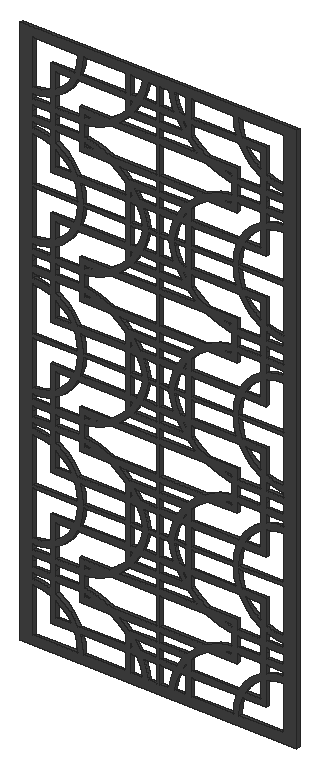
Revit family "Mirror", category Generic Models, Revit 2016
Family settings
  Part Type = Normal
  Can host rebar = No
  Round Connector Dimension = Use Diameter
  Work Plane-Based = Yes
  Always vertical = No
  Cut with Voids When Loaded = No
  Shared = No
  Room Calculation Point = No
Parameters
  Default Elevation = 4' - 0"
Reference planes (in)
  plane 1 "Center (Front/Back)": y = 0
  plane 2: z = 0
  plane 3 "Center (Left/Right)": x = 0
Forms (in)
  Extrusion 1, solid, material "Black)"
    sketch origin (288, 0, 0) x (1, 0, 0) y (0, 0, 1)
      loop
        line (-240, 96) -> (-288, 96) -> (-288, 0) -> (-240, 0) -> (-240, 96)
      loop
        line (-285.75, 24.40233) -> (-285.75, 16.62416)
        arc (-285.75, 16.62416) -> (-284.22011, 16.7761) -> (-282.75, 17.22598) r 7.77817
        line (-282.75, 17.22598) -> (-282.75, 21.40233) -> (-278.57365, 21.40233)
        arc (-278.57365, 21.40233) -> (-278.12377, 22.87245) -> (-277.97183, 24.40233) r 7.77817
        line (-277.97183, 24.40233) -> (-285.75, 24.40233)
      loop
        line (-281.75, 20.40233) -> (-281.75, 17.7315)
        arc (-281.75, 17.7315) -> (-280.25, 18.90233) -> (-279.07917, 20.40233) r 7.77817
        line (-279.07917, 20.40233) -> (-281.75, 20.40233)
      loop
        line (-277.75, 16.40233) -> (-272.45987, 16.40233)
        arc (-272.45987, 16.40233) -> (-271.0263, 17.37687) -> (-269.75, 18.54985) r 11.86689
        line (-269.75, 18.54985) -> (-269.75, 20.40233) -> (-277.93614, 20.40233)
        arc (-277.93614, 20.40233) -> (-279.54289, 18.19523) -> (-281.75, 16.58848) r 8.77817
        line (-281.75, 16.58848) -> (-281.75, 14.82617) -> (-277.75, 14.82617) -> (-277.75, 16.40233)
      loop
        line (-276.75, 15.40233) -> (-276.75, 14.92529)
        arc (-276.75, 14.92529) -> (-275.71231, 15.11809) -> (-274.69585, 15.40233) r 11.86689
        line (-274.69585, 15.40233) -> (-276.75, 15.40233)
      loop
        line (-269.75, 24.40233) -> (-276.97183, 24.40233)
        arc (-276.97183, 24.40233) -> (-277.10497, 22.87923) -> (-277.50037, 21.40233) r 8.77817
        line (-277.50037, 21.40233) -> (-269.75, 21.40233) -> (-269.75, 24.40233)
      loop
        line (-268.75, 24.40233) -> (-268.75, 21.40233) -> (-267.76676, 21.40233)
        arc (-267.76676, 21.40233) -> (-267.15783, 22.86825) -> (-266.75, 24.40233) r 11.86689
        line (-266.75, 24.40233) -> (-268.75, 24.40233)
      loop
        line (-264.25, 17.90233) -> (-268.98637, 17.90233)
        arc (-268.98637, 17.90233) -> (-269.78649, 17.11599) -> (-270.65206, 16.40233) r 12.86689
        line (-270.65206, 16.40233) -> (-264.25, 16.40233) -> (-264.25, 17.90233)
      loop
        line (-264.25, 18.90233) -> (-264.25, 20.40233) -> (-267.16375, 20.40233)
        arc (-267.16375, 20.40233) -> (-267.62806, 19.63523) -> (-268.14466, 18.90233) r 12.86689
        line (-268.14466, 18.90233) -> (-264.25, 18.90233)
      loop
        line (-277.75, 13.82617) -> (-281.75, 13.82617) -> (-281.75, 12.9785) -> (-281.75, 12.13083) -> (-277.75, 12.13083) -> (-277.75, 13.82617)
      loop
        arc (-265.73261, 24.40233) -> (-266.10488, 22.87391) -> (-266.66089, 21.40233) r 12.86689
        line (-266.66089, 21.40233) -> (-264.25, 21.40233) -> (-264.25, 24.40233) -> (-265.73261, 24.40233)
      loop
        line (-285.75, 15.62416) -> (-285.75, 14.82617) -> (-282.75, 14.82617) -> (-282.75, 16.15271)
        arc (-282.75, 16.15271) -> (-284.2269, 15.7573) -> (-285.75, 15.62416) r 8.77817
      loop
        line (-285.75, 13.82617) -> (-285.75, 12.9785) -> (-285.75, 12.13083) -> (-282.75, 12.13083) -> (-282.75, 12.9785) -> (-282.75, 13.82617) -> (-285.75, 13.82617)
      loop
        arc (-272.19753, 15.40233) -> (-274.40402, 14.44565) -> (-276.75, 13.91629) r 12.86689
        line (-276.75, 13.91629) -> (-276.75, 12.04071)
        arc (-276.75, 12.04071) -> (-274.40402, 11.51135) -> (-272.19753, 10.55467) r 12.86689
        line (-272.19753, 10.55467) -> (-264.25, 10.55467) -> (-264.25, 15.40233) -> (-272.19753, 15.40233)
      loop
        line (-268.75, 20.40233) -> (-268.75, 19.76629)
        arc (-268.75, 19.76629) -> (-268.53221, 20.08088) -> (-268.32468, 20.40233) r 11.86689
        line (-268.32468, 20.40233) -> (-268.75, 20.40233)
      loop
        line (-285.75, 1.55467) -> (-277.97183, 1.55467)
        arc (-277.97183, 1.55467) -> (-278.12377, 3.08455) -> (-278.57365, 4.55467) r 7.77817
        line (-278.57365, 4.55467) -> (-282.75, 4.55467) -> (-282.75, 8.73102)
        arc (-282.75, 8.73102) -> (-284.22011, 9.1809) -> (-285.75, 9.33284) r 7.77817
        line (-285.75, 9.33284) -> (-285.75, 1.55467)
      loop
        line (-281.75, 5.55467) -> (-279.07917, 5.55467)
        arc (-279.07917, 5.55467) -> (-280.25, 7.05467) -> (-281.75, 8.2255) r 7.77817
        line (-281.75, 8.2255) -> (-281.75, 5.55467)
      loop
        line (-277.75, 9.55467) -> (-277.75, 11.13083) -> (-281.75, 11.13083) -> (-281.75, 9.36852)
        arc (-281.75, 9.36852) -> (-279.54289, 7.76177) -> (-277.93614, 5.55467) r 8.77817
        line (-277.93614, 5.55467) -> (-269.75, 5.55467) -> (-269.75, 7.40715)
        arc (-269.75, 7.40715) -> (-271.0263, 8.58013) -> (-272.45987, 9.55467) r 11.86689
        line (-272.45987, 9.55467) -> (-277.75, 9.55467)
      loop
        line (-276.75, 10.55467) -> (-274.69585, 10.55467)
        arc (-274.69585, 10.55467) -> (-275.71231, 10.83891) -> (-276.75, 11.03171) r 11.86689
        line (-276.75, 11.03171) -> (-276.75, 10.55467)
      loop
        line (-269.75, 1.55467) -> (-269.75, 4.55467) -> (-277.50037, 4.55467)
        arc (-277.50037, 4.55467) -> (-277.10497, 3.07777) -> (-276.97183, 1.55467) r 8.77817
        line (-276.97183, 1.55467) -> (-269.75, 1.55467)
      loop
        line (-268.75, 1.55467) -> (-266.75, 1.55467)
        arc (-266.75, 1.55467) -> (-267.15783, 3.08874) -> (-267.76676, 4.55467) r 11.86689
        line (-267.76676, 4.55467) -> (-268.75, 4.55467) -> (-268.75, 1.55467)
      loop
        line (-264.25, 8.05467) -> (-264.25, 9.55467) -> (-270.65206, 9.55467)
        arc (-270.65206, 9.55467) -> (-269.78649, 8.84101) -> (-268.98637, 8.05467) r 12.86689
        line (-268.98637, 8.05467) -> (-264.25, 8.05467)
      loop
        line (-264.25, 7.05467) -> (-268.14466, 7.05467)
        arc (-268.14466, 7.05467) -> (-267.62806, 6.32177) -> (-267.16375, 5.55467) r 12.86689
        line (-267.16375, 5.55467) -> (-264.25, 5.55467) -> (-264.25, 7.05467)
      loop
        line (-265.73261, 1.55467) -> (-264.25, 1.55467) -> (-264.25, 4.55467) -> (-266.66089, 4.55467)
        arc (-266.66089, 4.55467) -> (-266.10488, 3.08309) -> (-265.73261, 1.55467) r 12.86689
      loop
        arc (-285.75, 10.33284) -> (-284.2269, 10.19969) -> (-282.75, 9.80429) r 8.77817
        line (-282.75, 9.80429) -> (-282.75, 11.13083) -> (-285.75, 11.13083) -> (-285.75, 10.33284)
      loop
        line (-268.75, 5.55467) -> (-268.32468, 5.55467)
        arc (-268.32468, 5.55467) -> (-268.53221, 5.87611) -> (-268.75, 6.1907) r 11.86689
        line (-268.75, 6.1907) -> (-268.75, 5.55467)
      loop
        line (-242.25, 24.40233) -> (-250.02817, 24.40233)
        arc (-250.02817, 24.40233) -> (-249.87623, 22.87245) -> (-249.42635, 21.40233) r 7.77817
        line (-249.42635, 21.40233) -> (-245.25, 21.40233) -> (-245.25, 17.22598)
        arc (-245.25, 17.22598) -> (-243.77989, 16.7761) -> (-242.25, 16.62416) r 7.77817
        line (-242.25, 16.62416) -> (-242.25, 24.40233)
      loop
        line (-246.25, 20.40233) -> (-248.92083, 20.40233)
        arc (-248.92083, 20.40233) -> (-247.75, 18.90233) -> (-246.25, 17.7315) r 7.77817
        line (-246.25, 17.7315) -> (-246.25, 20.40233)
      loop
        line (-250.25, 16.40233) -> (-250.25, 14.82617) -> (-246.25, 14.82617) -> (-246.25, 16.58848)
        arc (-246.25, 16.58848) -> (-248.45711, 18.19523) -> (-250.06386, 20.40233) r 8.77817
        line (-250.06386, 20.40233) -> (-258.25, 20.40233) -> (-258.25, 18.54985)
        arc (-258.25, 18.54985) -> (-256.9737, 17.37687) -> (-255.54013, 16.40233) r 11.86689
        line (-255.54013, 16.40233) -> (-250.25, 16.40233)
      loop
        line (-251.25, 15.40233) -> (-253.30415, 15.40233)
        arc (-253.30415, 15.40233) -> (-252.28769, 15.11809) -> (-251.25, 14.92529) r 11.86689
        line (-251.25, 14.92529) -> (-251.25, 15.40233)
      loop
        line (-258.25, 24.40233) -> (-258.25, 21.40233) -> (-250.49963, 21.40233)
        arc (-250.49963, 21.40233) -> (-250.89503, 22.87923) -> (-251.02817, 24.40233) r 8.77817
        line (-251.02817, 24.40233) -> (-258.25, 24.40233)
      loop
        line (-259.25, 24.40233) -> (-261.25, 24.40233)
        arc (-261.25, 24.40233) -> (-260.84217, 22.86825) -> (-260.23324, 21.40233) r 11.86689
        line (-260.23324, 21.40233) -> (-259.25, 21.40233) -> (-259.25, 24.40233)
      loop
        line (-263.75, 17.90233) -> (-263.75, 16.40233) -> (-257.34794, 16.40233)
        arc (-257.34794, 16.40233) -> (-258.21351, 17.11599) -> (-259.01363, 17.90233) r 12.86689
        line (-259.01363, 17.90233) -> (-263.75, 17.90233)
      loop
        line (-263.75, 18.90233) -> (-259.85534, 18.90233)
        arc (-259.85534, 18.90233) -> (-260.37194, 19.63523) -> (-260.83625, 20.40233) r 12.86689
        line (-260.83625, 20.40233) -> (-263.75, 20.40233) -> (-263.75, 18.90233)
      loop
        line (-250.25, 13.82617) -> (-250.25, 12.13083) -> (-246.25, 12.13083) -> (-246.25, 12.9785) -> (-246.25, 13.82617) -> (-250.25, 13.82617)
      loop
        line (-262.26739, 24.40233) -> (-263.75, 24.40233) -> (-263.75, 21.40233) -> (-261.33911, 21.40233)
        arc (-261.33911, 21.40233) -> (-261.89512, 22.87391) -> (-262.26739, 24.40233) r 12.86689
      loop
        arc (-242.25, 15.62416) -> (-243.7731, 15.7573) -> (-245.25, 16.15271) r 8.77817
        line (-245.25, 16.15271) -> (-245.25, 14.82617) -> (-242.25, 14.82617) -> (-242.25, 15.62416)
      loop
        line (-242.25, 13.82617) -> (-245.25, 13.82617) -> (-245.25, 12.9785) -> (-245.25, 12.13083) -> (-242.25, 12.13083) -> (-242.25, 12.9785) -> (-242.25, 13.82617)
      loop
        line (-255.80247, 15.40233) -> (-263.75, 15.40233) -> (-263.75, 10.55467) -> (-255.80247, 10.55467)
        arc (-255.80247, 10.55467) -> (-253.59598, 11.51135) -> (-251.25, 12.04071) r 12.86689
        line (-251.25, 12.04071) -> (-251.25, 13.91629)
        arc (-251.25, 13.91629) -> (-253.59598, 14.44565) -> (-255.80247, 15.40233) r 12.86689
      loop
        line (-259.25, 20.40233) -> (-259.67532, 20.40233)
        arc (-259.67532, 20.40233) -> (-259.46779, 20.08088) -> (-259.25, 19.76629) r 11.86689
        line (-259.25, 19.76629) -> (-259.25, 20.40233)
      loop
        line (-242.25, 1.55467) -> (-242.25, 9.33284)
        arc (-242.25, 9.33284) -> (-243.77989, 9.1809) -> (-245.25, 8.73102) r 7.77817
        line (-245.25, 8.73102) -> (-245.25, 4.55467) -> (-249.42635, 4.55467)
        arc (-249.42635, 4.55467) -> (-249.87623, 3.08455) -> (-250.02817, 1.55467) r 7.77817
        line (-250.02817, 1.55467) -> (-242.25, 1.55467)
      loop
        line (-246.25, 5.55467) -> (-246.25, 8.2255)
        arc (-246.25, 8.2255) -> (-247.75, 7.05467) -> (-248.92083, 5.55467) r 7.77817
        line (-248.92083, 5.55467) -> (-246.25, 5.55467)
      loop
        line (-250.25, 9.55467) -> (-255.54013, 9.55467)
        arc (-255.54013, 9.55467) -> (-256.9737, 8.58013) -> (-258.25, 7.40715) r 11.86689
        line (-258.25, 7.40715) -> (-258.25, 5.55467) -> (-250.06386, 5.55467)
        arc (-250.06386, 5.55467) -> (-248.45711, 7.76177) -> (-246.25, 9.36852) r 8.77817
        line (-246.25, 9.36852) -> (-246.25, 11.13083) -> (-250.25, 11.13083) -> (-250.25, 9.55467)
      loop
        line (-251.25, 10.55467) -> (-251.25, 11.03171)
        arc (-251.25, 11.03171) -> (-252.28769, 10.83891) -> (-253.30415, 10.55467) r 11.86689
        line (-253.30415, 10.55467) -> (-251.25, 10.55467)
      loop
        line (-258.25, 1.55467) -> (-251.02817, 1.55467)
        arc (-251.02817, 1.55467) -> (-250.89503, 3.07777) -> (-250.49963, 4.55467) r 8.77817
        line (-250.49963, 4.55467) -> (-258.25, 4.55467) -> (-258.25, 1.55467)
      loop
        line (-259.25, 1.55467) -> (-259.25, 4.55467) -> (-260.23324, 4.55467)
        arc (-260.23324, 4.55467) -> (-260.84217, 3.08874) -> (-261.25, 1.55467) r 11.86689
        line (-261.25, 1.55467) -> (-259.25, 1.55467)
      loop
        line (-263.75, 8.05467) -> (-259.01363, 8.05467)
        arc (-259.01363, 8.05467) -> (-258.21351, 8.84101) -> (-257.34794, 9.55467) r 12.86689
        line (-257.34794, 9.55467) -> (-263.75, 9.55467) -> (-263.75, 8.05467)
      loop
        line (-263.75, 7.05467) -> (-263.75, 5.55467) -> (-260.83625, 5.55467)
        arc (-260.83625, 5.55467) -> (-260.37194, 6.32177) -> (-259.85534, 7.05467) r 12.86689
        line (-259.85534, 7.05467) -> (-263.75, 7.05467)
      loop
        arc (-262.26739, 1.55467) -> (-261.89512, 3.08309) -> (-261.33911, 4.55467) r 12.86689
        line (-261.33911, 4.55467) -> (-263.75, 4.55467) -> (-263.75, 1.55467) -> (-262.26739, 1.55467)
      loop
        line (-242.25, 10.33284) -> (-242.25, 11.13083) -> (-245.25, 11.13083) -> (-245.25, 9.80429)
        arc (-245.25, 9.80429) -> (-243.7731, 10.19969) -> (-242.25, 10.33284) r 8.77817
      loop
        line (-259.25, 5.55467) -> (-259.25, 6.1907)
        arc (-259.25, 6.1907) -> (-259.46779, 5.87611) -> (-259.67532, 5.55467) r 11.86689
        line (-259.67532, 5.55467) -> (-259.25, 5.55467)
      loop
        arc (-285.75, 39.97183) -> (-284.22011, 40.12377) -> (-282.75, 40.57365) r 7.77817
        line (-282.75, 40.57365) -> (-282.75, 44.75) -> (-278.57365, 44.75)
        arc (-278.57365, 44.75) -> (-278.12377, 46.22011) -> (-277.97183, 47.75) r 7.77817
        line (-277.97183, 47.75) -> (-285.75, 47.75) -> (-285.75, 39.97183)
      loop
        line (-285.75, 24.90233) -> (-277.97183, 24.90233)
        arc (-277.97183, 24.90233) -> (-278.12377, 26.43222) -> (-278.57365, 27.90233) r 7.77817
        line (-278.57365, 27.90233) -> (-282.75, 27.90233) -> (-282.75, 32.07868)
        arc (-282.75, 32.07868) -> (-284.22011, 32.52857) -> (-285.75, 32.68051) r 7.77817
        line (-285.75, 32.68051) -> (-285.75, 24.90233)
      loop
        line (-281.75, 28.90233) -> (-279.07917, 28.90233)
        arc (-279.07917, 28.90233) -> (-280.25, 30.40233) -> (-281.75, 31.57316) r 7.77817
        line (-281.75, 31.57316) -> (-281.75, 28.90233)
      loop
        line (-277.75, 32.90233) -> (-277.75, 34.4785) -> (-281.75, 34.4785) -> (-281.75, 32.71619)
        arc (-281.75, 32.71619) -> (-279.54289, 31.10944) -> (-277.93614, 28.90233) r 8.77817
        line (-277.93614, 28.90233) -> (-269.75, 28.90233) -> (-269.75, 30.75481)
        arc (-269.75, 30.75481) -> (-271.0263, 31.9278) -> (-272.45987, 32.90233) r 11.86689
        line (-272.45987, 32.90233) -> (-277.75, 32.90233)
      loop
        line (-276.75, 33.90233) -> (-274.69585, 33.90233)
        arc (-274.69585, 33.90233) -> (-275.71231, 34.18658) -> (-276.75, 34.37938) r 11.86689
        line (-276.75, 34.37938) -> (-276.75, 33.90233)
      loop
        line (-269.75, 24.90233) -> (-269.75, 27.90233) -> (-277.50037, 27.90233)
        arc (-277.50037, 27.90233) -> (-277.10497, 26.42544) -> (-276.97183, 24.90233) r 8.77817
        line (-276.97183, 24.90233) -> (-269.75, 24.90233)
      loop
        line (-268.75, 24.90233) -> (-266.75, 24.90233)
        arc (-266.75, 24.90233) -> (-267.15783, 26.43641) -> (-267.76676, 27.90233) r 11.86689
        line (-267.76676, 27.90233) -> (-268.75, 27.90233) -> (-268.75, 24.90233)
      loop
        line (-264.25, 31.40233) -> (-264.25, 32.90233) -> (-270.65206, 32.90233)
        arc (-270.65206, 32.90233) -> (-269.78649, 32.18867) -> (-268.98637, 31.40233) r 12.86689
        line (-268.98637, 31.40233) -> (-264.25, 31.40233)
      loop
        line (-264.25, 30.40233) -> (-268.14466, 30.40233)
        arc (-268.14466, 30.40233) -> (-267.62806, 29.66943) -> (-267.16375, 28.90233) r 12.86689
        line (-267.16375, 28.90233) -> (-264.25, 28.90233) -> (-264.25, 30.40233)
      loop
        line (-277.75, 35.4785) -> (-277.75, 37.17383) -> (-281.75, 37.17383) -> (-281.75, 36.32617) -> (-281.75, 35.4785) -> (-277.75, 35.4785)
      loop
        line (-265.73261, 24.90233) -> (-264.25, 24.90233) -> (-264.25, 27.90233) -> (-266.66089, 27.90233)
        arc (-266.66089, 27.90233) -> (-266.10488, 26.43076) -> (-265.73261, 24.90233) r 12.86689
      loop
        arc (-285.75, 33.68051) -> (-284.2269, 33.54736) -> (-282.75, 33.15196) r 8.77817
        line (-282.75, 33.15196) -> (-282.75, 34.4785) -> (-285.75, 34.4785) -> (-285.75, 33.68051)
      loop
        line (-285.75, 35.4785) -> (-282.75, 35.4785) -> (-282.75, 36.32617) -> (-282.75, 37.17383) -> (-285.75, 37.17383) -> (-285.75, 36.32617) -> (-285.75, 35.4785)
      loop
        line (-272.19753, 33.90233) -> (-264.25, 33.90233) -> (-264.25, 38.75) -> (-272.19753, 38.75)
        arc (-272.19753, 38.75) -> (-274.40402, 37.79332) -> (-276.75, 37.26395) r 12.86689
        line (-276.75, 37.26395) -> (-276.75, 35.38838)
        arc (-276.75, 35.38838) -> (-274.40402, 34.85902) -> (-272.19753, 33.90233) r 12.86689
      loop
        line (-268.75, 28.90233) -> (-268.32468, 28.90233)
        arc (-268.32468, 28.90233) -> (-268.53221, 29.22378) -> (-268.75, 29.53837) r 11.86689
        line (-268.75, 29.53837) -> (-268.75, 28.90233)
      loop
        line (-281.75, 43.75) -> (-281.75, 41.07917)
        arc (-281.75, 41.07917) -> (-280.25, 42.25) -> (-279.07917, 43.75) r 7.77817
        line (-279.07917, 43.75) -> (-281.75, 43.75)
      loop
        line (-277.75, 39.75) -> (-272.45987, 39.75)
        arc (-272.45987, 39.75) -> (-271.0263, 40.72453) -> (-269.75, 41.89752) r 11.86689
        line (-269.75, 41.89752) -> (-269.75, 43.75) -> (-277.93614, 43.75)
        arc (-277.93614, 43.75) -> (-279.54289, 41.54289) -> (-281.75, 39.93614) r 8.77817
        line (-281.75, 39.93614) -> (-281.75, 38.17383) -> (-277.75, 38.17383) -> (-277.75, 39.75)
      loop
        line (-276.75, 38.75) -> (-276.75, 38.27295)
        arc (-276.75, 38.27295) -> (-275.71231, 38.46576) -> (-274.69585, 38.75) r 11.86689
        line (-274.69585, 38.75) -> (-276.75, 38.75)
      loop
        line (-269.75, 47.75) -> (-276.97183, 47.75)
        arc (-276.97183, 47.75) -> (-277.10497, 46.2269) -> (-277.50037, 44.75) r 8.77817
        line (-277.50037, 44.75) -> (-269.75, 44.75) -> (-269.75, 47.75)
      loop
        line (-268.75, 47.75) -> (-268.75, 44.75) -> (-267.76676, 44.75)
        arc (-267.76676, 44.75) -> (-267.15783, 46.21592) -> (-266.75, 47.75) r 11.86689
        line (-266.75, 47.75) -> (-268.75, 47.75)
      loop
        line (-264.25, 41.25) -> (-268.98637, 41.25)
        arc (-268.98637, 41.25) -> (-269.78649, 40.46366) -> (-270.65206, 39.75) r 12.86689
        line (-270.65206, 39.75) -> (-264.25, 39.75) -> (-264.25, 41.25)
      loop
        line (-264.25, 42.25) -> (-264.25, 43.75) -> (-267.16375, 43.75)
        arc (-267.16375, 43.75) -> (-267.62806, 42.9829) -> (-268.14466, 42.25) r 12.86689
        line (-268.14466, 42.25) -> (-264.25, 42.25)
      loop
        arc (-265.73261, 47.75) -> (-266.10488, 46.22157) -> (-266.66089, 44.75) r 12.86689
        line (-266.66089, 44.75) -> (-264.25, 44.75) -> (-264.25, 47.75) -> (-265.73261, 47.75)
      loop
        line (-285.75, 38.97183) -> (-285.75, 38.17383) -> (-282.75, 38.17383) -> (-282.75, 39.50037)
        arc (-282.75, 39.50037) -> (-284.2269, 39.10497) -> (-285.75, 38.97183) r 8.77817
      loop
        line (-268.75, 43.75) -> (-268.75, 43.11396)
        arc (-268.75, 43.11396) -> (-268.53221, 43.42855) -> (-268.32468, 43.75) r 11.86689
        line (-268.32468, 43.75) -> (-268.75, 43.75)
      loop
        line (-242.25, 24.90233) -> (-242.25, 32.68051)
        arc (-242.25, 32.68051) -> (-243.77989, 32.52857) -> (-245.25, 32.07868) r 7.77817
        line (-245.25, 32.07868) -> (-245.25, 27.90233) -> (-249.42635, 27.90233)
        arc (-249.42635, 27.90233) -> (-249.87623, 26.43222) -> (-250.02817, 24.90233) r 7.77817
        line (-250.02817, 24.90233) -> (-242.25, 24.90233)
      loop
        line (-246.25, 28.90233) -> (-246.25, 31.57316)
        arc (-246.25, 31.57316) -> (-247.75, 30.40233) -> (-248.92083, 28.90233) r 7.77817
        line (-248.92083, 28.90233) -> (-246.25, 28.90233)
      loop
        line (-250.25, 32.90233) -> (-255.54013, 32.90233)
        arc (-255.54013, 32.90233) -> (-256.9737, 31.9278) -> (-258.25, 30.75481) r 11.86689
        line (-258.25, 30.75481) -> (-258.25, 28.90233) -> (-250.06386, 28.90233)
        arc (-250.06386, 28.90233) -> (-248.45711, 31.10944) -> (-246.25, 32.71619) r 8.77817
        line (-246.25, 32.71619) -> (-246.25, 34.4785) -> (-250.25, 34.4785) -> (-250.25, 32.90233)
      loop
        line (-251.25, 33.90233) -> (-251.25, 34.37938)
        arc (-251.25, 34.37938) -> (-252.28769, 34.18658) -> (-253.30415, 33.90233) r 11.86689
        line (-253.30415, 33.90233) -> (-251.25, 33.90233)
      loop
        line (-258.25, 24.90233) -> (-251.02817, 24.90233)
        arc (-251.02817, 24.90233) -> (-250.89503, 26.42544) -> (-250.49963, 27.90233) r 8.77817
        line (-250.49963, 27.90233) -> (-258.25, 27.90233) -> (-258.25, 24.90233)
      loop
        line (-259.25, 24.90233) -> (-259.25, 27.90233) -> (-260.23324, 27.90233)
        arc (-260.23324, 27.90233) -> (-260.84217, 26.43641) -> (-261.25, 24.90233) r 11.86689
        line (-261.25, 24.90233) -> (-259.25, 24.90233)
      loop
        line (-263.75, 31.40233) -> (-259.01363, 31.40233)
        arc (-259.01363, 31.40233) -> (-258.21351, 32.18867) -> (-257.34794, 32.90233) r 12.86689
        line (-257.34794, 32.90233) -> (-263.75, 32.90233) -> (-263.75, 31.40233)
      loop
        line (-263.75, 30.40233) -> (-263.75, 28.90233) -> (-260.83625, 28.90233)
        arc (-260.83625, 28.90233) -> (-260.37194, 29.66943) -> (-259.85534, 30.40233) r 12.86689
        line (-259.85534, 30.40233) -> (-263.75, 30.40233)
      loop
        line (-250.25, 35.4785) -> (-246.25, 35.4785) -> (-246.25, 36.32617) -> (-246.25, 37.17383) -> (-250.25, 37.17383) -> (-250.25, 35.4785)
      loop
        arc (-262.26739, 24.90233) -> (-261.89512, 26.43076) -> (-261.33911, 27.90233) r 12.86689
        line (-261.33911, 27.90233) -> (-263.75, 27.90233) -> (-263.75, 24.90233) -> (-262.26739, 24.90233)
      loop
        line (-242.25, 33.68051) -> (-242.25, 34.4785) -> (-245.25, 34.4785) -> (-245.25, 33.15196)
        arc (-245.25, 33.15196) -> (-243.7731, 33.54736) -> (-242.25, 33.68051) r 8.77817
      loop
        line (-242.25, 35.4785) -> (-242.25, 36.32617) -> (-242.25, 37.17383) -> (-245.25, 37.17383) -> (-245.25, 36.32617) -> (-245.25, 35.4785) -> (-242.25, 35.4785)
      loop
        arc (-255.80247, 33.90233) -> (-253.59598, 34.85902) -> (-251.25, 35.38838) r 12.86689
        line (-251.25, 35.38838) -> (-251.25, 37.26395)
        arc (-251.25, 37.26395) -> (-253.59598, 37.79332) -> (-255.80247, 38.75) r 12.86689
        line (-255.80247, 38.75) -> (-263.75, 38.75) -> (-263.75, 33.90233) -> (-255.80247, 33.90233)
      loop
        line (-259.25, 28.90233) -> (-259.25, 29.53837)
        arc (-259.25, 29.53837) -> (-259.46779, 29.22378) -> (-259.67532, 28.90233) r 11.86689
        line (-259.67532, 28.90233) -> (-259.25, 28.90233)
      loop
        line (-242.25, 47.75) -> (-250.02817, 47.75)
        arc (-250.02817, 47.75) -> (-249.87623, 46.22011) -> (-249.42635, 44.75) r 7.77817
        line (-249.42635, 44.75) -> (-245.25, 44.75) -> (-245.25, 40.57365)
        arc (-245.25, 40.57365) -> (-243.77989, 40.12377) -> (-242.25, 39.97183) r 7.77817
        line (-242.25, 39.97183) -> (-242.25, 47.75)
      loop
        line (-246.25, 43.75) -> (-248.92083, 43.75)
        arc (-248.92083, 43.75) -> (-247.75, 42.25) -> (-246.25, 41.07917) r 7.77817
        line (-246.25, 41.07917) -> (-246.25, 43.75)
      loop
        line (-250.25, 39.75) -> (-250.25, 38.17383) -> (-246.25, 38.17383) -> (-246.25, 39.93614)
        arc (-246.25, 39.93614) -> (-248.45711, 41.54289) -> (-250.06386, 43.75) r 8.77817
        line (-250.06386, 43.75) -> (-258.25, 43.75) -> (-258.25, 41.89752)
        arc (-258.25, 41.89752) -> (-256.9737, 40.72453) -> (-255.54013, 39.75) r 11.86689
        line (-255.54013, 39.75) -> (-250.25, 39.75)
      loop
        line (-251.25, 38.75) -> (-253.30415, 38.75)
        arc (-253.30415, 38.75) -> (-252.28769, 38.46576) -> (-251.25, 38.27295) r 11.86689
        line (-251.25, 38.27295) -> (-251.25, 38.75)
      loop
        line (-258.25, 47.75) -> (-258.25, 44.75) -> (-250.49963, 44.75)
        arc (-250.49963, 44.75) -> (-250.89503, 46.2269) -> (-251.02817, 47.75) r 8.77817
        line (-251.02817, 47.75) -> (-258.25, 47.75)
      loop
        line (-259.25, 47.75) -> (-261.25, 47.75)
        arc (-261.25, 47.75) -> (-260.84217, 46.21592) -> (-260.23324, 44.75) r 11.86689
        line (-260.23324, 44.75) -> (-259.25, 44.75) -> (-259.25, 47.75)
      loop
        line (-263.75, 41.25) -> (-263.75, 39.75) -> (-257.34794, 39.75)
        arc (-257.34794, 39.75) -> (-258.21351, 40.46366) -> (-259.01363, 41.25) r 12.86689
        line (-259.01363, 41.25) -> (-263.75, 41.25)
      loop
        line (-263.75, 42.25) -> (-259.85534, 42.25)
        arc (-259.85534, 42.25) -> (-260.37194, 42.9829) -> (-260.83625, 43.75) r 12.86689
        line (-260.83625, 43.75) -> (-263.75, 43.75) -> (-263.75, 42.25)
      loop
        line (-262.26739, 47.75) -> (-263.75, 47.75) -> (-263.75, 44.75) -> (-261.33911, 44.75)
        arc (-261.33911, 44.75) -> (-261.89512, 46.22157) -> (-262.26739, 47.75) r 12.86689
      loop
        arc (-242.25, 38.97183) -> (-243.7731, 39.10497) -> (-245.25, 39.50037) r 8.77817
        line (-245.25, 39.50037) -> (-245.25, 38.17383) -> (-242.25, 38.17383) -> (-242.25, 38.97183)
      loop
        line (-259.25, 43.75) -> (-259.67532, 43.75)
        arc (-259.67532, 43.75) -> (-259.46779, 43.42855) -> (-259.25, 43.11396) r 11.86689
        line (-259.25, 43.11396) -> (-259.25, 43.75)
      loop
        line (-285.75, 71.59767) -> (-277.97183, 71.59767)
        arc (-277.97183, 71.59767) -> (-278.12377, 73.12755) -> (-278.57365, 74.59767) r 7.77817
        line (-278.57365, 74.59767) -> (-282.75, 74.59767) -> (-282.75, 78.77402)
        arc (-282.75, 78.77402) -> (-284.22011, 79.2239) -> (-285.75, 79.37584) r 7.77817
        line (-285.75, 79.37584) -> (-285.75, 71.59767)
      loop
        line (-281.75, 75.59767) -> (-279.07917, 75.59767)
        arc (-279.07917, 75.59767) -> (-280.25, 77.09767) -> (-281.75, 78.2685) r 7.77817
        line (-281.75, 78.2685) -> (-281.75, 75.59767)
      loop
        line (-277.75, 79.59767) -> (-277.75, 81.17383) -> (-281.75, 81.17383) -> (-281.75, 79.41152)
        arc (-281.75, 79.41152) -> (-279.54289, 77.80477) -> (-277.93614, 75.59767) r 8.77817
        line (-277.93614, 75.59767) -> (-269.75, 75.59767) -> (-269.75, 77.45015)
        arc (-269.75, 77.45015) -> (-271.0263, 78.62313) -> (-272.45987, 79.59767) r 11.86689
        line (-272.45987, 79.59767) -> (-277.75, 79.59767)
      loop
        line (-276.75, 80.59767) -> (-274.69585, 80.59767)
        arc (-274.69585, 80.59767) -> (-275.71231, 80.88191) -> (-276.75, 81.07471) r 11.86689
        line (-276.75, 81.07471) -> (-276.75, 80.59767)
      loop
        line (-269.75, 71.59767) -> (-269.75, 74.59767) -> (-277.50037, 74.59767)
        arc (-277.50037, 74.59767) -> (-277.10497, 73.12077) -> (-276.97183, 71.59767) r 8.77817
        line (-276.97183, 71.59767) -> (-269.75, 71.59767)
      loop
        line (-268.75, 71.59767) -> (-266.75, 71.59767)
        arc (-266.75, 71.59767) -> (-267.15783, 73.13175) -> (-267.76676, 74.59767) r 11.86689
        line (-267.76676, 74.59767) -> (-268.75, 74.59767) -> (-268.75, 71.59767)
      loop
        line (-264.25, 78.09767) -> (-264.25, 79.59767) -> (-270.65206, 79.59767)
        arc (-270.65206, 79.59767) -> (-269.78649, 78.88401) -> (-268.98637, 78.09767) r 12.86689
        line (-268.98637, 78.09767) -> (-264.25, 78.09767)
      loop
        line (-264.25, 77.09767) -> (-268.14466, 77.09767)
        arc (-268.14466, 77.09767) -> (-267.62806, 76.36477) -> (-267.16375, 75.59767) r 12.86689
        line (-267.16375, 75.59767) -> (-264.25, 75.59767) -> (-264.25, 77.09767)
      loop
        line (-277.75, 82.17383) -> (-277.75, 83.86917) -> (-281.75, 83.86917) -> (-281.75, 83.0215) -> (-281.75, 82.17383) -> (-277.75, 82.17383)
      loop
        line (-265.73261, 71.59767) -> (-264.25, 71.59767) -> (-264.25, 74.59767) -> (-266.66089, 74.59767)
        arc (-266.66089, 74.59767) -> (-266.10488, 73.12609) -> (-265.73261, 71.59767) r 12.86689
      loop
        arc (-285.75, 80.37584) -> (-284.2269, 80.2427) -> (-282.75, 79.84729) r 8.77817
        line (-282.75, 79.84729) -> (-282.75, 81.17383) -> (-285.75, 81.17383) -> (-285.75, 80.37584)
      loop
        line (-285.75, 82.17383) -> (-282.75, 82.17383) -> (-282.75, 83.0215) -> (-282.75, 83.86917) -> (-285.75, 83.86917) -> (-285.75, 83.0215) -> (-285.75, 82.17383)
      loop
        line (-272.19753, 80.59767) -> (-264.25, 80.59767) -> (-264.25, 85.44533) -> (-272.19753, 85.44533)
        arc (-272.19753, 85.44533) -> (-274.40402, 84.48865) -> (-276.75, 83.95929) r 12.86689
        line (-276.75, 83.95929) -> (-276.75, 82.08371)
        arc (-276.75, 82.08371) -> (-274.40402, 81.55435) -> (-272.19753, 80.59767) r 12.86689
      loop
        line (-268.75, 75.59767) -> (-268.32468, 75.59767)
        arc (-268.32468, 75.59767) -> (-268.53221, 75.91912) -> (-268.75, 76.23371) r 11.86689
        line (-268.75, 76.23371) -> (-268.75, 75.59767)
      loop
        line (-285.75, 94.44533) -> (-285.75, 86.66716)
        arc (-285.75, 86.66716) -> (-284.22011, 86.8191) -> (-282.75, 87.26898) r 7.77817
        line (-282.75, 87.26898) -> (-282.75, 91.44533) -> (-278.57365, 91.44533)
        arc (-278.57365, 91.44533) -> (-278.12377, 92.91545) -> (-277.97183, 94.44533) r 7.77817
        line (-277.97183, 94.44533) -> (-285.75, 94.44533)
      loop
        line (-281.75, 90.44533) -> (-281.75, 87.7745)
        arc (-281.75, 87.7745) -> (-280.25, 88.94533) -> (-279.07917, 90.44533) r 7.77817
        line (-279.07917, 90.44533) -> (-281.75, 90.44533)
      loop
        line (-277.75, 86.44533) -> (-272.45987, 86.44533)
        arc (-272.45987, 86.44533) -> (-271.0263, 87.41987) -> (-269.75, 88.59285) r 11.86689
        line (-269.75, 88.59285) -> (-269.75, 90.44533) -> (-277.93614, 90.44533)
        arc (-277.93614, 90.44533) -> (-279.54289, 88.23823) -> (-281.75, 86.63148) r 8.77817
        line (-281.75, 86.63148) -> (-281.75, 84.86917) -> (-277.75, 84.86917) -> (-277.75, 86.44533)
      loop
        line (-276.75, 85.44533) -> (-276.75, 84.96829)
        arc (-276.75, 84.96829) -> (-275.71231, 85.16109) -> (-274.69585, 85.44533) r 11.86689
        line (-274.69585, 85.44533) -> (-276.75, 85.44533)
      loop
        line (-269.75, 94.44533) -> (-276.97183, 94.44533)
        arc (-276.97183, 94.44533) -> (-277.10497, 92.92223) -> (-277.50037, 91.44533) r 8.77817
        line (-277.50037, 91.44533) -> (-269.75, 91.44533) -> (-269.75, 94.44533)
      loop
        line (-268.75, 94.44533) -> (-268.75, 91.44533) -> (-267.76676, 91.44533)
        arc (-267.76676, 91.44533) -> (-267.15783, 92.91126) -> (-266.75, 94.44533) r 11.86689
        line (-266.75, 94.44533) -> (-268.75, 94.44533)
      loop
        line (-264.25, 87.94533) -> (-268.98637, 87.94533)
        arc (-268.98637, 87.94533) -> (-269.78649, 87.15899) -> (-270.65206, 86.44533) r 12.86689
        line (-270.65206, 86.44533) -> (-264.25, 86.44533) -> (-264.25, 87.94533)
      loop
        line (-264.25, 88.94533) -> (-264.25, 90.44533) -> (-267.16375, 90.44533)
        arc (-267.16375, 90.44533) -> (-267.62806, 89.67823) -> (-268.14466, 88.94533) r 12.86689
        line (-268.14466, 88.94533) -> (-264.25, 88.94533)
      loop
        arc (-265.73261, 94.44533) -> (-266.10488, 92.91691) -> (-266.66089, 91.44533) r 12.86689
        line (-266.66089, 91.44533) -> (-264.25, 91.44533) -> (-264.25, 94.44533) -> (-265.73261, 94.44533)
      loop
        line (-285.75, 85.66716) -> (-285.75, 84.86917) -> (-282.75, 84.86917) -> (-282.75, 86.19571)
        arc (-282.75, 86.19571) -> (-284.2269, 85.80031) -> (-285.75, 85.66716) r 8.77817
      loop
        line (-268.75, 90.44533) -> (-268.75, 89.8093)
        arc (-268.75, 89.8093) -> (-268.53221, 90.12389) -> (-268.32468, 90.44533) r 11.86689
        line (-268.32468, 90.44533) -> (-268.75, 90.44533)
      loop
        line (-242.25, 71.59767) -> (-242.25, 79.37584)
        arc (-242.25, 79.37584) -> (-243.77989, 79.2239) -> (-245.25, 78.77402) r 7.77817
        line (-245.25, 78.77402) -> (-245.25, 74.59767) -> (-249.42635, 74.59767)
        arc (-249.42635, 74.59767) -> (-249.87623, 73.12755) -> (-250.02817, 71.59767) r 7.77817
        line (-250.02817, 71.59767) -> (-242.25, 71.59767)
      loop
        line (-246.25, 75.59767) -> (-246.25, 78.2685)
        arc (-246.25, 78.2685) -> (-247.75, 77.09767) -> (-248.92083, 75.59767) r 7.77817
        line (-248.92083, 75.59767) -> (-246.25, 75.59767)
      loop
        line (-250.25, 79.59767) -> (-255.54013, 79.59767)
        arc (-255.54013, 79.59767) -> (-256.9737, 78.62313) -> (-258.25, 77.45015) r 11.86689
        line (-258.25, 77.45015) -> (-258.25, 75.59767) -> (-250.06386, 75.59767)
        arc (-250.06386, 75.59767) -> (-248.45711, 77.80477) -> (-246.25, 79.41152) r 8.77817
        line (-246.25, 79.41152) -> (-246.25, 81.17383) -> (-250.25, 81.17383) -> (-250.25, 79.59767)
      loop
        line (-251.25, 80.59767) -> (-251.25, 81.07471)
        arc (-251.25, 81.07471) -> (-252.28769, 80.88191) -> (-253.30415, 80.59767) r 11.86689
        line (-253.30415, 80.59767) -> (-251.25, 80.59767)
      loop
        line (-258.25, 71.59767) -> (-251.02817, 71.59767)
        arc (-251.02817, 71.59767) -> (-250.89503, 73.12077) -> (-250.49963, 74.59767) r 8.77817
        line (-250.49963, 74.59767) -> (-258.25, 74.59767) -> (-258.25, 71.59767)
      loop
        line (-259.25, 71.59767) -> (-259.25, 74.59767) -> (-260.23324, 74.59767)
        arc (-260.23324, 74.59767) -> (-260.84217, 73.13175) -> (-261.25, 71.59767) r 11.86689
        line (-261.25, 71.59767) -> (-259.25, 71.59767)
      loop
        line (-263.75, 78.09767) -> (-259.01363, 78.09767)
        arc (-259.01363, 78.09767) -> (-258.21351, 78.88401) -> (-257.34794, 79.59767) r 12.86689
        line (-257.34794, 79.59767) -> (-263.75, 79.59767) -> (-263.75, 78.09767)
      loop
        line (-263.75, 77.09767) -> (-263.75, 75.59767) -> (-260.83625, 75.59767)
        arc (-260.83625, 75.59767) -> (-260.37194, 76.36477) -> (-259.85534, 77.09767) r 12.86689
        line (-259.85534, 77.09767) -> (-263.75, 77.09767)
      loop
        line (-250.25, 82.17383) -> (-246.25, 82.17383) -> (-246.25, 83.0215) -> (-246.25, 83.86917) -> (-250.25, 83.86917) -> (-250.25, 82.17383)
      loop
        arc (-262.26739, 71.59767) -> (-261.89512, 73.12609) -> (-261.33911, 74.59767) r 12.86689
        line (-261.33911, 74.59767) -> (-263.75, 74.59767) -> (-263.75, 71.59767) -> (-262.26739, 71.59767)
      loop
        line (-242.25, 80.37584) -> (-242.25, 81.17383) -> (-245.25, 81.17383) -> (-245.25, 79.84729)
        arc (-245.25, 79.84729) -> (-243.7731, 80.2427) -> (-242.25, 80.37584) r 8.77817
      loop
        line (-242.25, 82.17383) -> (-242.25, 83.0215) -> (-242.25, 83.86917) -> (-245.25, 83.86917) -> (-245.25, 83.0215) -> (-245.25, 82.17383) -> (-242.25, 82.17383)
      loop
        arc (-255.80247, 80.59767) -> (-253.59598, 81.55435) -> (-251.25, 82.08371) r 12.86689
        line (-251.25, 82.08371) -> (-251.25, 83.95929)
        arc (-251.25, 83.95929) -> (-253.59598, 84.48865) -> (-255.80247, 85.44533) r 12.86689
        line (-255.80247, 85.44533) -> (-263.75, 85.44533) -> (-263.75, 80.59767) -> (-255.80247, 80.59767)
      loop
        line (-259.25, 75.59767) -> (-259.25, 76.23371)
        arc (-259.25, 76.23371) -> (-259.46779, 75.91912) -> (-259.67532, 75.59767) r 11.86689
        line (-259.67532, 75.59767) -> (-259.25, 75.59767)
      loop
        line (-242.25, 94.44533) -> (-250.02817, 94.44533)
        arc (-250.02817, 94.44533) -> (-249.87623, 92.91545) -> (-249.42635, 91.44533) r 7.77817
        line (-249.42635, 91.44533) -> (-245.25, 91.44533) -> (-245.25, 87.26898)
        arc (-245.25, 87.26898) -> (-243.77989, 86.8191) -> (-242.25, 86.66716) r 7.77817
        line (-242.25, 86.66716) -> (-242.25, 94.44533)
      loop
        line (-246.25, 90.44533) -> (-248.92083, 90.44533)
        arc (-248.92083, 90.44533) -> (-247.75, 88.94533) -> (-246.25, 87.7745) r 7.77817
        line (-246.25, 87.7745) -> (-246.25, 90.44533)
      loop
        line (-250.25, 86.44533) -> (-250.25, 84.86917) -> (-246.25, 84.86917) -> (-246.25, 86.63148)
        arc (-246.25, 86.63148) -> (-248.45711, 88.23823) -> (-250.06386, 90.44533) r 8.77817
        line (-250.06386, 90.44533) -> (-258.25, 90.44533) -> (-258.25, 88.59285)
        arc (-258.25, 88.59285) -> (-256.9737, 87.41987) -> (-255.54013, 86.44533) r 11.86689
        line (-255.54013, 86.44533) -> (-250.25, 86.44533)
      loop
        line (-251.25, 85.44533) -> (-253.30415, 85.44533)
        arc (-253.30415, 85.44533) -> (-252.28769, 85.16109) -> (-251.25, 84.96829) r 11.86689
        line (-251.25, 84.96829) -> (-251.25, 85.44533)
      loop
        line (-258.25, 94.44533) -> (-258.25, 91.44533) -> (-250.49963, 91.44533)
        arc (-250.49963, 91.44533) -> (-250.89503, 92.92223) -> (-251.02817, 94.44533) r 8.77817
        line (-251.02817, 94.44533) -> (-258.25, 94.44533)
      loop
        line (-259.25, 94.44533) -> (-261.25, 94.44533)
        arc (-261.25, 94.44533) -> (-260.84217, 92.91126) -> (-260.23324, 91.44533) r 11.86689
        line (-260.23324, 91.44533) -> (-259.25, 91.44533) -> (-259.25, 94.44533)
      loop
        line (-263.75, 87.94533) -> (-263.75, 86.44533) -> (-257.34794, 86.44533)
        arc (-257.34794, 86.44533) -> (-258.21351, 87.15899) -> (-259.01363, 87.94533) r 12.86689
        line (-259.01363, 87.94533) -> (-263.75, 87.94533)
      loop
        line (-263.75, 88.94533) -> (-259.85534, 88.94533)
        arc (-259.85534, 88.94533) -> (-260.37194, 89.67823) -> (-260.83625, 90.44533) r 12.86689
        line (-260.83625, 90.44533) -> (-263.75, 90.44533) -> (-263.75, 88.94533)
      loop
        line (-262.26739, 94.44533) -> (-263.75, 94.44533) -> (-263.75, 91.44533) -> (-261.33911, 91.44533)
        arc (-261.33911, 91.44533) -> (-261.89512, 92.91691) -> (-262.26739, 94.44533) r 12.86689
      loop
        arc (-242.25, 85.66716) -> (-243.7731, 85.80031) -> (-245.25, 86.19571) r 8.77817
        line (-245.25, 86.19571) -> (-245.25, 84.86917) -> (-242.25, 84.86917) -> (-242.25, 85.66716)
      loop
        line (-259.25, 90.44533) -> (-259.67532, 90.44533)
        arc (-259.67532, 90.44533) -> (-259.46779, 90.12389) -> (-259.25, 89.8093) r 11.86689
        line (-259.25, 89.8093) -> (-259.25, 90.44533)
      loop
        line (-285.75, 56.02817) -> (-285.75, 48.25) -> (-277.97183, 48.25)
        arc (-277.97183, 48.25) -> (-278.12377, 49.77989) -> (-278.57365, 51.25) r 7.77817
        line (-278.57365, 51.25) -> (-282.75, 51.25) -> (-282.75, 55.42635)
        arc (-282.75, 55.42635) -> (-284.22011, 55.87623) -> (-285.75, 56.02817) r 7.77817
      loop
        line (-285.75, 71.09767) -> (-285.75, 63.31949)
        arc (-285.75, 63.31949) -> (-284.22011, 63.47143) -> (-282.75, 63.92132) r 7.77817
        line (-282.75, 63.92132) -> (-282.75, 68.09767) -> (-278.57365, 68.09767)
        arc (-278.57365, 68.09767) -> (-278.12377, 69.56778) -> (-277.97183, 71.09767) r 7.77817
        line (-277.97183, 71.09767) -> (-285.75, 71.09767)
      loop
        line (-281.75, 67.09767) -> (-281.75, 64.42684)
        arc (-281.75, 64.42684) -> (-280.25, 65.59767) -> (-279.07917, 67.09767) r 7.77817
        line (-279.07917, 67.09767) -> (-281.75, 67.09767)
      loop
        line (-277.75, 63.09767) -> (-272.45987, 63.09767)
        arc (-272.45987, 63.09767) -> (-271.0263, 64.0722) -> (-269.75, 65.24519) r 11.86689
        line (-269.75, 65.24519) -> (-269.75, 67.09767) -> (-277.93614, 67.09767)
        arc (-277.93614, 67.09767) -> (-279.54289, 64.89056) -> (-281.75, 63.28381) r 8.77817
        line (-281.75, 63.28381) -> (-281.75, 61.5215) -> (-277.75, 61.5215) -> (-277.75, 63.09767)
      loop
        line (-276.75, 62.09767) -> (-276.75, 61.62062)
        arc (-276.75, 61.62062) -> (-275.71231, 61.81342) -> (-274.69585, 62.09767) r 11.86689
        line (-274.69585, 62.09767) -> (-276.75, 62.09767)
      loop
        line (-269.75, 71.09767) -> (-276.97183, 71.09767)
        arc (-276.97183, 71.09767) -> (-277.10497, 69.57456) -> (-277.50037, 68.09767) r 8.77817
        line (-277.50037, 68.09767) -> (-269.75, 68.09767) -> (-269.75, 71.09767)
      loop
        line (-268.75, 71.09767) -> (-268.75, 68.09767) -> (-267.76676, 68.09767)
        arc (-267.76676, 68.09767) -> (-267.15783, 69.56359) -> (-266.75, 71.09767) r 11.86689
        line (-266.75, 71.09767) -> (-268.75, 71.09767)
      loop
        line (-264.25, 64.59767) -> (-268.98637, 64.59767)
        arc (-268.98637, 64.59767) -> (-269.78649, 63.81133) -> (-270.65206, 63.09767) r 12.86689
        line (-270.65206, 63.09767) -> (-264.25, 63.09767) -> (-264.25, 64.59767)
      loop
        line (-264.25, 65.59767) -> (-264.25, 67.09767) -> (-267.16375, 67.09767)
        arc (-267.16375, 67.09767) -> (-267.62806, 66.33057) -> (-268.14466, 65.59767) r 12.86689
        line (-268.14466, 65.59767) -> (-264.25, 65.59767)
      loop
        line (-277.75, 60.5215) -> (-281.75, 60.5215) -> (-281.75, 59.67383) -> (-281.75, 58.82617) -> (-277.75, 58.82617) -> (-277.75, 60.5215)
      loop
        arc (-265.73261, 71.09767) -> (-266.10488, 69.56924) -> (-266.66089, 68.09767) r 12.86689
        line (-266.66089, 68.09767) -> (-264.25, 68.09767) -> (-264.25, 71.09767) -> (-265.73261, 71.09767)
      loop
        line (-285.75, 62.31949) -> (-285.75, 61.5215) -> (-282.75, 61.5215) -> (-282.75, 62.84804)
        arc (-282.75, 62.84804) -> (-284.2269, 62.45264) -> (-285.75, 62.31949) r 8.77817
      loop
        line (-285.75, 60.5215) -> (-285.75, 59.67383) -> (-285.75, 58.82617) -> (-282.75, 58.82617) -> (-282.75, 59.67383) -> (-282.75, 60.5215) -> (-285.75, 60.5215)
      loop
        arc (-272.19753, 62.09767) -> (-274.40402, 61.14098) -> (-276.75, 60.61162) r 12.86689
        line (-276.75, 60.61162) -> (-276.75, 58.73605)
        arc (-276.75, 58.73605) -> (-274.40402, 58.20668) -> (-272.19753, 57.25) r 12.86689
        line (-272.19753, 57.25) -> (-264.25, 57.25) -> (-264.25, 62.09767) -> (-272.19753, 62.09767)
      loop
        line (-268.75, 67.09767) -> (-268.75, 66.46163)
        arc (-268.75, 66.46163) -> (-268.53221, 66.77622) -> (-268.32468, 67.09767) r 11.86689
        line (-268.32468, 67.09767) -> (-268.75, 67.09767)
      loop
        line (-281.75, 52.25) -> (-279.07917, 52.25)
        arc (-279.07917, 52.25) -> (-280.25, 53.75) -> (-281.75, 54.92083) r 7.77817
        line (-281.75, 54.92083) -> (-281.75, 52.25)
      loop
        line (-277.75, 56.25) -> (-277.75, 57.82617) -> (-281.75, 57.82617) -> (-281.75, 56.06386)
        arc (-281.75, 56.06386) -> (-279.54289, 54.45711) -> (-277.93614, 52.25) r 8.77817
        line (-277.93614, 52.25) -> (-269.75, 52.25) -> (-269.75, 54.10248)
        arc (-269.75, 54.10248) -> (-271.0263, 55.27547) -> (-272.45987, 56.25) r 11.86689
        line (-272.45987, 56.25) -> (-277.75, 56.25)
      loop
        line (-276.75, 57.25) -> (-274.69585, 57.25)
        arc (-274.69585, 57.25) -> (-275.71231, 57.53424) -> (-276.75, 57.72705) r 11.86689
        line (-276.75, 57.72705) -> (-276.75, 57.25)
      loop
        line (-269.75, 48.25) -> (-269.75, 51.25) -> (-277.50037, 51.25)
        arc (-277.50037, 51.25) -> (-277.10497, 49.7731) -> (-276.97183, 48.25) r 8.77817
        line (-276.97183, 48.25) -> (-269.75, 48.25)
      loop
        line (-268.75, 48.25) -> (-266.75, 48.25)
        arc (-266.75, 48.25) -> (-267.15783, 49.78408) -> (-267.76676, 51.25) r 11.86689
        line (-267.76676, 51.25) -> (-268.75, 51.25) -> (-268.75, 48.25)
      loop
        line (-264.25, 54.75) -> (-264.25, 56.25) -> (-270.65206, 56.25)
        arc (-270.65206, 56.25) -> (-269.78649, 55.53634) -> (-268.98637, 54.75) r 12.86689
        line (-268.98637, 54.75) -> (-264.25, 54.75)
      loop
        line (-264.25, 53.75) -> (-268.14466, 53.75)
        arc (-268.14466, 53.75) -> (-267.62806, 53.0171) -> (-267.16375, 52.25) r 12.86689
        line (-267.16375, 52.25) -> (-264.25, 52.25) -> (-264.25, 53.75)
      loop
        line (-265.73261, 48.25) -> (-264.25, 48.25) -> (-264.25, 51.25) -> (-266.66089, 51.25)
        arc (-266.66089, 51.25) -> (-266.10488, 49.77843) -> (-265.73261, 48.25) r 12.86689
      loop
        arc (-285.75, 57.02817) -> (-284.2269, 56.89503) -> (-282.75, 56.49963) r 8.77817
        line (-282.75, 56.49963) -> (-282.75, 57.82617) -> (-285.75, 57.82617) -> (-285.75, 57.02817)
      loop
        line (-268.75, 52.25) -> (-268.32468, 52.25)
        arc (-268.32468, 52.25) -> (-268.53221, 52.57145) -> (-268.75, 52.88604) r 11.86689
        line (-268.75, 52.88604) -> (-268.75, 52.25)
      loop
        line (-242.25, 71.09767) -> (-250.02817, 71.09767)
        arc (-250.02817, 71.09767) -> (-249.87623, 69.56778) -> (-249.42635, 68.09767) r 7.77817
        line (-249.42635, 68.09767) -> (-245.25, 68.09767) -> (-245.25, 63.92132)
        arc (-245.25, 63.92132) -> (-243.77989, 63.47143) -> (-242.25, 63.31949) r 7.77817
        line (-242.25, 63.31949) -> (-242.25, 71.09767)
      loop
        line (-246.25, 67.09767) -> (-248.92083, 67.09767)
        arc (-248.92083, 67.09767) -> (-247.75, 65.59767) -> (-246.25, 64.42684) r 7.77817
        line (-246.25, 64.42684) -> (-246.25, 67.09767)
      loop
        line (-250.25, 63.09767) -> (-250.25, 61.5215) -> (-246.25, 61.5215) -> (-246.25, 63.28381)
        arc (-246.25, 63.28381) -> (-248.45711, 64.89056) -> (-250.06386, 67.09767) r 8.77817
        line (-250.06386, 67.09767) -> (-258.25, 67.09767) -> (-258.25, 65.24519)
        arc (-258.25, 65.24519) -> (-256.9737, 64.0722) -> (-255.54013, 63.09767) r 11.86689
        line (-255.54013, 63.09767) -> (-250.25, 63.09767)
      loop
        line (-251.25, 62.09767) -> (-253.30415, 62.09767)
        arc (-253.30415, 62.09767) -> (-252.28769, 61.81342) -> (-251.25, 61.62062) r 11.86689
        line (-251.25, 61.62062) -> (-251.25, 62.09767)
      loop
        line (-258.25, 71.09767) -> (-258.25, 68.09767) -> (-250.49963, 68.09767)
        arc (-250.49963, 68.09767) -> (-250.89503, 69.57456) -> (-251.02817, 71.09767) r 8.77817
        line (-251.02817, 71.09767) -> (-258.25, 71.09767)
      loop
        line (-259.25, 71.09767) -> (-261.25, 71.09767)
        arc (-261.25, 71.09767) -> (-260.84217, 69.56359) -> (-260.23324, 68.09767) r 11.86689
        line (-260.23324, 68.09767) -> (-259.25, 68.09767) -> (-259.25, 71.09767)
      loop
        line (-263.75, 64.59767) -> (-263.75, 63.09767) -> (-257.34794, 63.09767)
        arc (-257.34794, 63.09767) -> (-258.21351, 63.81133) -> (-259.01363, 64.59767) r 12.86689
        line (-259.01363, 64.59767) -> (-263.75, 64.59767)
      loop
        line (-263.75, 65.59767) -> (-259.85534, 65.59767)
        arc (-259.85534, 65.59767) -> (-260.37194, 66.33057) -> (-260.83625, 67.09767) r 12.86689
        line (-260.83625, 67.09767) -> (-263.75, 67.09767) -> (-263.75, 65.59767)
      loop
        line (-250.25, 60.5215) -> (-250.25, 58.82617) -> (-246.25, 58.82617) -> (-246.25, 59.67383) -> (-246.25, 60.5215) -> (-250.25, 60.5215)
      loop
        line (-262.26739, 71.09767) -> (-263.75, 71.09767) -> (-263.75, 68.09767) -> (-261.33911, 68.09767)
        arc (-261.33911, 68.09767) -> (-261.89512, 69.56924) -> (-262.26739, 71.09767) r 12.86689
      loop
        arc (-242.25, 62.31949) -> (-243.7731, 62.45264) -> (-245.25, 62.84804) r 8.77817
        line (-245.25, 62.84804) -> (-245.25, 61.5215) -> (-242.25, 61.5215) -> (-242.25, 62.31949)
      loop
        line (-242.25, 60.5215) -> (-245.25, 60.5215) -> (-245.25, 59.67383) -> (-245.25, 58.82617) -> (-242.25, 58.82617) -> (-242.25, 59.67383) -> (-242.25, 60.5215)
      loop
        line (-255.80247, 62.09767) -> (-263.75, 62.09767) -> (-263.75, 57.25) -> (-255.80247, 57.25)
        arc (-255.80247, 57.25) -> (-253.59598, 58.20668) -> (-251.25, 58.73605) r 12.86689
        line (-251.25, 58.73605) -> (-251.25, 60.61162)
        arc (-251.25, 60.61162) -> (-253.59598, 61.14098) -> (-255.80247, 62.09767) r 12.86689
      loop
        line (-259.25, 67.09767) -> (-259.67532, 67.09767)
        arc (-259.67532, 67.09767) -> (-259.46779, 66.77622) -> (-259.25, 66.46163) r 11.86689
        line (-259.25, 66.46163) -> (-259.25, 67.09767)
      loop
        line (-242.25, 48.25) -> (-242.25, 56.02817)
        arc (-242.25, 56.02817) -> (-243.77989, 55.87623) -> (-245.25, 55.42635) r 7.77817
        line (-245.25, 55.42635) -> (-245.25, 51.25) -> (-249.42635, 51.25)
        arc (-249.42635, 51.25) -> (-249.87623, 49.77989) -> (-250.02817, 48.25) r 7.77817
        line (-250.02817, 48.25) -> (-242.25, 48.25)
      loop
        line (-246.25, 52.25) -> (-246.25, 54.92083)
        arc (-246.25, 54.92083) -> (-247.75, 53.75) -> (-248.92083, 52.25) r 7.77817
        line (-248.92083, 52.25) -> (-246.25, 52.25)
      loop
        line (-250.25, 56.25) -> (-255.54013, 56.25)
        arc (-255.54013, 56.25) -> (-256.9737, 55.27547) -> (-258.25, 54.10248) r 11.86689
        line (-258.25, 54.10248) -> (-258.25, 52.25) -> (-250.06386, 52.25)
        arc (-250.06386, 52.25) -> (-248.45711, 54.45711) -> (-246.25, 56.06386) r 8.77817
        line (-246.25, 56.06386) -> (-246.25, 57.82617) -> (-250.25, 57.82617) -> (-250.25, 56.25)
      loop
        line (-251.25, 57.25) -> (-251.25, 57.72705)
        arc (-251.25, 57.72705) -> (-252.28769, 57.53424) -> (-253.30415, 57.25) r 11.86689
        line (-253.30415, 57.25) -> (-251.25, 57.25)
      loop
        line (-258.25, 48.25) -> (-251.02817, 48.25)
        arc (-251.02817, 48.25) -> (-250.89503, 49.7731) -> (-250.49963, 51.25) r 8.77817
        line (-250.49963, 51.25) -> (-258.25, 51.25) -> (-258.25, 48.25)
      loop
        line (-259.25, 48.25) -> (-259.25, 51.25) -> (-260.23324, 51.25)
        arc (-260.23324, 51.25) -> (-260.84217, 49.78408) -> (-261.25, 48.25) r 11.86689
        line (-261.25, 48.25) -> (-259.25, 48.25)
      loop
        line (-263.75, 54.75) -> (-259.01363, 54.75)
        arc (-259.01363, 54.75) -> (-258.21351, 55.53634) -> (-257.34794, 56.25) r 12.86689
        line (-257.34794, 56.25) -> (-263.75, 56.25) -> (-263.75, 54.75)
      loop
        line (-263.75, 53.75) -> (-263.75, 52.25) -> (-260.83625, 52.25)
        arc (-260.83625, 52.25) -> (-260.37194, 53.0171) -> (-259.85534, 53.75) r 12.86689
        line (-259.85534, 53.75) -> (-263.75, 53.75)
      loop
        arc (-262.26739, 48.25) -> (-261.89512, 49.77843) -> (-261.33911, 51.25) r 12.86689
        line (-261.33911, 51.25) -> (-263.75, 51.25) -> (-263.75, 48.25) -> (-262.26739, 48.25)
      loop
        line (-242.25, 57.02817) -> (-242.25, 57.82617) -> (-245.25, 57.82617) -> (-245.25, 56.49963)
        arc (-245.25, 56.49963) -> (-243.7731, 56.89503) -> (-242.25, 57.02817) r 8.77817
      loop
        line (-259.25, 52.25) -> (-259.25, 52.88604)
        arc (-259.25, 52.88604) -> (-259.46779, 52.57145) -> (-259.67532, 52.25) r 11.86689
        line (-259.67532, 52.25) -> (-259.25, 52.25)
    from 0 to 0.5
Dimensions and locks (in)
  aligned and locked: level to plane 2
